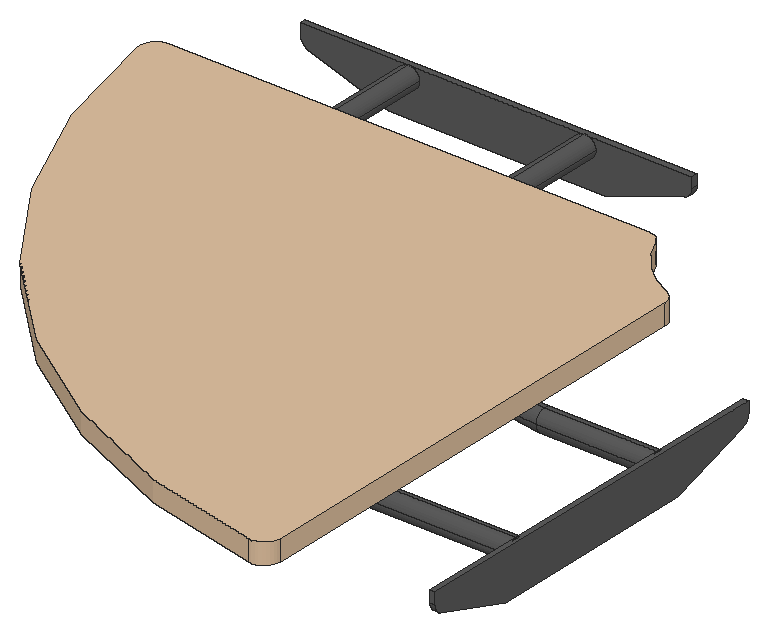
Revit family "FU_Bench_Sandler_Plania_PL90902", category Furniture, Revit 2020
Family settings
  OmniClass Number = 23.40.20.00
  OmniClass Title = General Furniture and Specialties
  Work Plane-Based = No
  Always vertical = Yes
  Cut with Voids When Loaded = No
  Shared = No
  Room Calculation Point = No
Parameters (values of type "PL90902")
  Width = 645.134 mm
  URL = "https://www.sandlerseating.com/product/pl90902/"
  Top Finish = Wood - Oak - Natural - V
  Model = "PL90902"
  Manufacturer = "Sandler"
  Frame Finish = Epoxy - M1_B00 - Black
  Elevation = 420 mm
  Description = "Plania corner connecting Top (2 ways 90°)"
  Depth = 645 mm
  Default Elevation = 0 mm
Types (2, lengths in mm): name | Elevation
  (no name) | 418.389
  PL90902 | 420
Reference planes
  plane 1 "Center (Front/Back)": y = 0
  plane 2: z = 0
  plane 3 "Center (Left/Right)": x = 0
  plane 4 "Right": x = -322.567
  plane 5 "Left": x = 322.567
  plane 6 "Back": y = 322.5
  plane 7 "Front": y = -322.5
  plane 8 "Elevation": z = 420
  plane 9 "Top Thickness": z = 401
Forms (mm)
  Extrusion 1, solid, material "Wood - Oak - Natural - V" <- "Top Finish"
    sketch origin (0, 0, 401) x (-1, 0, 0) y (0, -1, 0)
      loop
        arc (307.487, -207.895) -> (318.797, -202.747) -> (322.345, -190.837) r 15
        arc (322.345, -190.837) -> (151.983, 151.99) -> (-190.622, 322.799) r 602.038
        arc (-190.622, 322.799) -> (-202.544, 319.261) -> (-207.699, 307.944) r 15
        line (-207.699, 307.944) -> (-207.699, -133.644)
        arc (-207.699, -133.644) -> (-205.097, -142.073) -> (-198.198, -147.569) r 14.955
        arc (-198.198, -147.569) -> (-167.474, -167.671) -> (-147.373, -198.395) r 89.731
        arc (-147.373, -198.395) -> (-141.877, -205.294) -> (-133.448, -207.895) r 14.954
        line (-133.448, -207.895) -> (307.487, -207.895)
    from 0 to 19
  Extrusion 2, solid, material "Epoxy - M1_B00 - Black" <- "Frame Finish"
    sketch origin (-187.9, 322.5, 0) x (1, 0, 0) y (0, 0, 1)
      loop
        line (-86.162, 401) -> (-86.162, 390.893)
        arc (-86.162, 390.893) -> (-84.278, 385.051) -> (-79.335, 381.41) r 10
        line (-79.335, 381.41) -> (-5.371, 356.662) -> (193.047, 356.662) -> (267.011, 381.41)
        arc (267.011, 381.41) -> (271.953, 385.051) -> (273.838, 390.893) r 10
        line (273.838, 390.893) -> (273.838, 401) -> (-86.162, 401)
    from 0 to 5
  Extrusion 3, solid, material "Epoxy - M1_B00 - Black" <- "Frame Finish"
    sketch origin (317.567, -187.675, 0) x (0, 1, 0) y (0, 0, 1)
      loop
        line (-86.162, 401) -> (-86.162, 390.893)
        arc (-86.162, 390.893) -> (-84.278, 385.051) -> (-79.335, 381.41) r 10
        line (-79.335, 381.41) -> (-5.371, 356.662) -> (193.047, 356.662) -> (267.011, 381.41)
        arc (267.011, 381.41) -> (271.953, 385.051) -> (273.838, 390.893) r 10
        line (273.838, 390.893) -> (273.838, 401) -> (-86.162, 401)
    from 0 to 5
  Sweep 4, solid, material "Epoxy - M1_B00 - Black" <- "Frame Finish"
    path in 3D
      loop
        line (-12.962, 317.5, 401.033) -> (-12.962, 215.78, 401.033)
        arc (-12.962, 215.78, 401.033) -> (-5.597, 178.756, 401.033) -> (15.375, 147.368, 401.033) r 96.748
        line (15.375, 147.368, 401.033) -> (147.714, 15.03, 401.033)
        arc (147.714, 15.03, 401.033) -> (178.534, -5.564, 401.033) -> (214.889, -12.795, 401.033) r 95
        line (214.889, -12.795, 401.033) -> (318.34, -12.795, 401.033)
    profile "Pro_Circles : 20mm" origin (-12.962, 266.64, 401.033) x (1, 0, 0) y (0, 0, 1)
      loop
        arc (-9.967, -9.933) -> (-7.115, -17.02) -> (-0.067, -19.967) r 9.901
        arc (-0.067, -19.967) -> (7.068, -17.068) -> (9.967, -9.933) r 9.901
        arc (9.967, -9.933) -> (7.02, -2.885) -> (-0.067, -0.033) r 9.901
        arc (-0.067, -0.033) -> (-7.067, -2.933) -> (-9.967, -9.933) r 9.9
  Sweep 5, solid, material "Epoxy - M1_B00 - Black" <- "Frame Finish"
    path in 3D
      loop
        line (-175.108, 317.5, 401.033) -> (-175.108, 165.706, 401.033)
        arc (-175.108, 165.706, 401.033) -> (-167.877, 129.352, 401.033) -> (-147.283, 98.531, 401.033) r 95
        line (-147.283, 98.531, 401.033) -> (98.588, -147.34, 401.033)
        arc (98.588, -147.34, 401.033) -> (129.128, -167.746, 401.033) -> (165.153, -174.912, 401.033) r 94.138
        line (165.153, -174.912, 401.033) -> (318.317, -174.912, 401.033)
    profile "Pro_Circles : 20mm" origin (-175.108, 241.603, 401.033) x (1, 0, 0) y (0, 0, 1)
      loop
        arc (-9.967, -9.933) -> (-7.115, -17.02) -> (-0.067, -19.967) r 9.901
        arc (-0.067, -19.967) -> (7.068, -17.068) -> (9.967, -9.933) r 9.901
        arc (9.967, -9.933) -> (7.02, -2.885) -> (-0.067, -0.033) r 9.901
        arc (-0.067, -0.033) -> (-7.067, -2.933) -> (-9.967, -9.933) r 9.9
  Extrusion 6, solid, material "Epoxy - M1_B00 - Black" <- "Frame Finish"
    sketch origin (0, 0, 401) x (-1, 0, 0) y (0, -1, 0)
      loop
        line (70.345, -21.499) -> (49.196, -0.35) -> (-56.552, -106.097) -> (-35.402, -127.247) -> (70.345, -21.499)
      loop
        line (-105.901, -56.748) -> (0, 49.153) -> (-21.15, 70.302) -> (-127.051, -35.599) -> (-105.901, -56.748)
    from 0 to -5
Lines and regions (mm)
  sketch lines
    curve 1: line (-12.962, 317.5, 401.033) -> (-12.962, 215.78, 401.033)
    curve 2: arc (-12.962, 215.78, 401.033) -> (-5.597, 178.756, 401.033) -> (15.375, 147.368, 401.033) r 96.748
    curve 3: line (15.375, 147.368, 401.033) -> (147.714, 15.03, 401.033)
    curve 4: arc (147.714, 15.03, 401.033) -> (178.534, -5.564, 401.033) -> (214.889, -12.795, 401.033) r 95
    curve 5: line (318.34, -12.795, 401.033) -> (214.889, -12.795, 401.033)
    curve 6: line (-175.108, 317.5, 401.033) -> (-175.108, 165.706, 401.033)
    curve 7: arc (-175.108, 165.706, 401.033) -> (-167.877, 129.352, 401.033) -> (-147.283, 98.531, 401.033) r 95
    curve 8: line (-147.283, 98.531, 401.033) -> (98.588, -147.34, 401.033)
    curve 9: arc (98.588, -147.34, 401.033) -> (129.128, -167.746, 401.033) -> (165.153, -174.912, 401.033) r 94.138
    curve 10: line (318.317, -174.912, 401.033) -> (165.153, -174.912, 401.033)
Dimensions and locks
  equal spacing: plane 4 "Right", plane 3 "Center (Left/Right)", plane 5 "Left"
  "Width": plane 4 "Right" to plane 5 "Left"
  equal spacing: plane 6 "Back", plane 1 "Center (Front/Back)", plane 7 "Front"
  "Depth": plane 6 "Back" to plane 7 "Front"
  "Elevation": plane 8 "Elevation" to level
  plane 9 "Top Thickness" to level = 401 mm
  plane 8 "Elevation" to plane 9 "Top Thickness" = 19 mm
  aligned and locked: level to plane 2
  aligned and locked: Extrusion 1 to plane 9 "Top Thickness"
  aligned and locked: plane 8 "Elevation" to Extrusion 1
Automatic sketch dimensions
  plane 5 "Left" to Extrusion 1 sketch curve = 48.567 mm
  Extrusion 1 sketch curve to Extrusion 1 sketch curve = 43.076 mm
  plane 7 "Front" to Extrusion 1 sketch curve = 14.556 mm
  plane 5 "Left" to Extrusion 1 sketch curve = 114.868 mm
  Extrusion 1 sketch curve to Extrusion 1 sketch curve = 14.955 mm
  Extrusion 1 sketch curve to Extrusion 1 sketch curve = 15 mm  (x2)
  Extrusion 1 sketch curve to Extrusion 1 sketch curve = 59.296 mm
  Extrusion 1 sketch curve to plane 4 "Right" = 15.08 mm
  Extrusion 1 sketch curve to plane 1 "Center (Front/Back)" = 133.644 mm
  Extrusion 1 sketch curve to plane 6 "Back" = 129.605 mm
  Extrusion 1 sketch curve to Extrusion 1 sketch curve = 59.297 mm
  Extrusion 1 sketch curve to plane 6 "Back" = 91.38 mm
  Extrusion 1 sketch curve to plane 6 "Back" = 49.063 mm
  Extrusion 1 sketch curve to Extrusion 1 sketch curve = 0 mm  (x2)
  Extrusion 2 sketch curve to plane 9 "Top Thickness" = 0 mm
  Extrusion 2 sketch curve to plane 9 "Top Thickness" = 10.107 mm  (x2)
  Extrusion 2 sketch curve to plane 3 "Center (Left/Right)" = 274.062 mm
  Extrusion 2 sketch curve to plane 9 "Top Thickness" = 19.59 mm  (x2)
  Extrusion 2 sketch curve to Extrusion 2 sketch curve = 6.827 mm
  Extrusion 2 sketch curve to plane 9 "Top Thickness" = 44.338 mm
  Extrusion 2 sketch curve to Extrusion 2 sketch curve = 73.964 mm
  plane 5 "Left" to Extrusion 2 sketch curve = 317.42 mm
  Extrusion 2 sketch curve to Extrusion 2 sketch curve = 70.791 mm
  Extrusion 2 sketch curve to Extrusion 2 sketch curve = 3.173 mm
  Extrusion 3 sketch curve to plane 9 "Top Thickness" = 0 mm
  Extrusion 3 sketch curve to plane 9 "Top Thickness" = 10.107 mm  (x2)
  plane 1 "Center (Front/Back)" to Extrusion 3 sketch curve = 273.838 mm
  Extrusion 3 sketch curve to plane 9 "Top Thickness" = 19.59 mm  (x2)
  Extrusion 3 sketch curve to Extrusion 3 sketch curve = 6.827 mm
  Extrusion 3 sketch curve to plane 9 "Top Thickness" = 44.338 mm
  Extrusion 3 sketch curve to Extrusion 3 sketch curve = 73.964 mm
  Extrusion 3 sketch curve to plane 6 "Back" = 317.129 mm
  Extrusion 3 sketch curve to Extrusion 3 sketch curve = 70.791 mm
  Extrusion 3 sketch curve to Extrusion 3 sketch curve = 3.173 mm
  Extrusion 6 sketch curve to plane 3 "Center (Left/Right)" = 0 mm
  plane 3 "Center (Left/Right)" to Extrusion 6 sketch curve = 21.15 mm
  plane 3 "Center (Left/Right)" to Extrusion 6 sketch curve = 35.402 mm
  Extrusion 6 sketch curve to Extrusion 6 sketch curve = 21.15 mm  (x3)
  Extrusion 6 sketch curve to Extrusion 6 sketch curve = 49.349 mm
  Extrusion 6 sketch curve to plane 1 "Center (Front/Back)" = 127.247 mm
  Extrusion 6 sketch curve to plane 1 "Center (Front/Back)" = 56.748 mm
  Extrusion 6 sketch curve to plane 1 "Center (Front/Back)" = 0.35 mm
